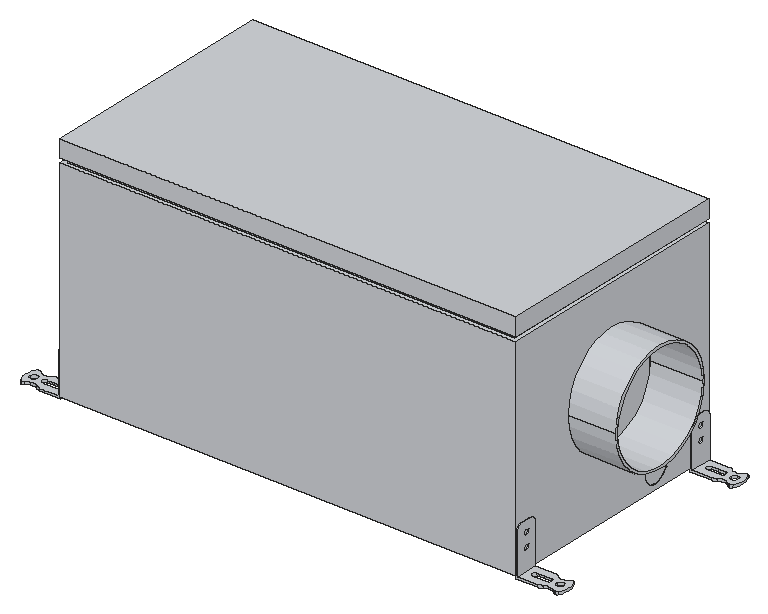
Revit family "CF-700", category Обобщенные модели, Revit 2018
Family settings
  Может служить основой для арматурных стержней = Нет
  Размер круглого соединителя = Использовать диаметр
  Тип детали = Нормальный
  На основе рабочей плоскости = Нет
  Всегда вертикально = Да
  При загрузке вырезать с полостями = Нет
  Общий = Нет
  Точка расчета площади = Нет
Parameters (values of type "CF-700")
  Уровень шума, дБ = "22-53"
  Тип вентилятора = "ЕС"
  Температура приточного воздуха = "+7...+30"
  Стоимость = 154000
  Рабочая температура, С = "-30...+50"
  Производительность (max), м3/ч = "679"
  Описание = "Приточная установка"
  Напряжение питания, В/Гц = "220/50 и 380/50"
  Мощность воздухонагревателя, кВт = "4,4 (2,2х2)"
  Мощность вентилятора, кВт = "0,168"
  Комментарии к типоразмеру = "Для подходит для помещений до 110м2"
  Количество скоростей = "10"
  Код по классификатору = "D3040100"
  Кабель питания, мм = "КГ 3х2,5 или ВВГнг 3х2,5 / КГ 5х2,5 или ВВГнг 5х2,5"
  Изображение типоразмера = <Нет>
  Изготовитель = "Horynize"
  Габаритные размеры (ДхШхВ), мм = "667х353х339"
  Вес, кг = "32"
  URL = "https://www.horynize.ru/horynize-cf-700.html"
Reference planes
  plane 1 "По центру (Вперед/Назад)": y = 0
  plane 2: z = 0
  plane 3 "По центру (Влево/Вправо)": x = 0
Forms (mm)
  Extrusion 1, solid
    sketch origin (-333.5, -823.5, 0) x (1, 0, 0) y (0, 1, 0)
      loop
        line (0, 647) -> (667, 647) -> (667, 1000) -> (0, 1000) -> (0, 647)
    from 0 to 339
  Extrusion 2, void
    sketch origin (0, 0, 307) x (1, 0, 0) y (0, 1, 0)
      loop
        line (-336.5, 180.343) -> (-336.5, -179.378) -> (336.155, -179.378) -> (336.155, 180.343) -> (-336.5, 180.343)
      loop
        line (-327.5, 170.5) -> (-327.5, -170.5) -> (327.5, -170.5) -> (327.5, 170.5) -> (-327.5, 170.5)
    from 0 to 6
  Extrusion 3, solid
    sketch origin (-333.5, -763.5, 0) x (0, -1, 0) y (0, 0, 1)
      loop
        line (-938, -4) -> (-906, -4) -> (-906, 66) -> (-938, 66) -> (-938, -4)
    from 0 to 65.264
  Extrusion 4, void
    sketch origin (-398.764, -763.5, 0) x (0, 1, 0) y (0, 0, 1)
      loop
        line (885, 73.157) -> (885, -1) -> (959.745, -1) -> (959.745, 73.157) -> (885, 73.157)
    from -5.804 to 62.264
  Extrusion 5, void
    sketch origin (-398.764, 182.5, -1) x (1, 0, 0) y (0, -1, 0)
      loop
        line (29.264, 19.5) -> (49.264, 19.5)
        arc (49.264, 19.5) -> (53.764, 24) -> (49.264, 28.5) r 4.5
        line (49.264, 28.5) -> (29.264, 28.5)
        arc (29.264, 28.5) -> (24.764, 24) -> (29.264, 19.5) r 4.5
      loop
        arc (32.632, 8) -> (30.081, 8.723) -> (27.888, 10.212) r 8.309
        arc (27.888, 10.212) -> (18.847, 13.535) -> (10.203, 9.285) r 12.236
        arc (10.203, 9.285) -> (6.902, 7.94) -> (3.886, 9.838) r 3.901
        arc (3.886, 9.838) -> (0.006, 24) -> (3.886, 38.162) r 27.787
        arc (3.886, 38.162) -> (6.76, 40.042) -> (10.004, 38.914) r 3.893
        arc (10.004, 38.914) -> (18.648, 34.942) -> (27.76, 37.672) r 13.469
        arc (27.76, 37.672) -> (30.433, 39.207) -> (33.411, 40) r 11.833
        line (33.411, 40) -> (33.411, 47.176) -> (-7.368, 47.176) -> (-7.368, 0.848) -> (32.632, 0.848) -> (32.632, 8)
      loop
        circle (12.512, 24.009) r 5.5
    from 0 to 3
  Extrusion 6, void
    sketch origin (-336.5, -763.5, 0) x (0, 1, 0) y (0, 0, 1)
      loop
        circle (922, 51) r 4.5
      loop
        circle (922, 31) r 4.5
      loop
        arc (906, 58) -> (908.343, 63.657) -> (914, 66) r 8
        line (914, 66) -> (930, 66)
        arc (930, 66) -> (935.657, 63.657) -> (938, 58) r 8
        line (938, 58) -> (943.843, 58) -> (943.843, 71.519) -> (899.977, 71.519) -> (899.977, 58) -> (906, 58)
    from 0 to 3
  Extrusion 7, solid
    sketch origin (-333.5, -1080.5, 0) x (0, -1, 0) y (0, 0, 1)
      loop
        line (-938, -4) -> (-906, -4) -> (-906, 66) -> (-938, 66) -> (-938, -4)
    from 0 to 65.264
  Extrusion 8, void
    sketch origin (-398.764, -1080.5, 0) x (0, 1, 0) y (0, 0, 1)
      loop
        line (885, 73.157) -> (885, -1) -> (959.745, -1) -> (959.745, 73.157) -> (885, 73.157)
    from -5.804 to 62.264
  Extrusion 9, void
    sketch origin (-398.764, -134.5, -1) x (1, 0, 0) y (0, -1, 0)
      loop
        line (29.264, 19.5) -> (49.264, 19.5)
        arc (49.264, 19.5) -> (53.764, 24) -> (49.264, 28.5) r 4.5
        line (49.264, 28.5) -> (29.264, 28.5)
        arc (29.264, 28.5) -> (24.764, 24) -> (29.264, 19.5) r 4.5
      loop
        arc (32.632, 8) -> (30.081, 8.723) -> (27.888, 10.212) r 8.309
        arc (27.888, 10.212) -> (18.847, 13.535) -> (10.203, 9.285) r 12.236
        arc (10.203, 9.285) -> (6.902, 7.94) -> (3.886, 9.838) r 3.901
        arc (3.886, 9.838) -> (0.006, 24) -> (3.886, 38.162) r 27.787
        arc (3.886, 38.162) -> (6.76, 40.042) -> (10.004, 38.914) r 3.893
        arc (10.004, 38.914) -> (18.648, 34.942) -> (27.76, 37.672) r 13.469
        arc (27.76, 37.672) -> (30.433, 39.207) -> (33.411, 40) r 11.833
        line (33.411, 40) -> (33.411, 47.176) -> (-7.368, 47.176) -> (-7.368, 0.848) -> (32.632, 0.848) -> (32.632, 8)
      loop
        circle (12.512, 24.009) r 5.5
    from 0 to 3
  Extrusion 10, void
    sketch origin (-336.5, -1080.5, 0) x (0, 1, 0) y (0, 0, 1)
      loop
        circle (922, 51) r 4.5
      loop
        circle (922, 31) r 4.5
      loop
        arc (906, 58) -> (908.343, 63.657) -> (914, 66) r 8
        line (914, 66) -> (930, 66)
        arc (930, 66) -> (935.657, 63.657) -> (938, 58) r 8
        line (938, 58) -> (943.843, 58) -> (943.843, 71.519) -> (899.977, 71.519) -> (899.977, 58) -> (906, 58)
    from 0 to 3
  Extrusion 11, solid
    sketch origin (333.5, -763.5, 0) x (0, -1, 0) y (0, 0, -1)
      loop
        line (-938, 4) -> (-938, -66) -> (-906, -66) -> (-906, 4) -> (-938, 4)
    from 0 to 65.264
  Extrusion 12, void
    sketch origin (398.764, -763.5, 0) x (0, 1, 0) y (0, 0, -1)
      loop
        line (885, -73.157) -> (959.745, -73.157) -> (959.745, 1) -> (885, 1) -> (885, -73.157)
    from -5.804 to 62.264
  Extrusion 13, void
    sketch origin (398.764, 182.5, -1) x (1, 0, 0) y (0, -1, 0)
      loop
        arc (-29.264, 19.5) -> (-24.764, 24) -> (-29.264, 28.5) r 4.5
        line (-29.264, 28.5) -> (-49.264, 28.5)
        arc (-49.264, 28.5) -> (-53.764, 24) -> (-49.264, 19.5) r 4.5
        line (-49.264, 19.5) -> (-29.264, 19.5)
      loop
        line (-32.632, 8) -> (-32.632, 0.848) -> (7.368, 0.848) -> (7.368, 47.176) -> (-33.411, 47.176) -> (-33.411, 40)
        arc (-33.411, 40) -> (-30.433, 39.207) -> (-27.76, 37.672) r 11.833
        arc (-27.76, 37.672) -> (-18.648, 34.942) -> (-10.004, 38.914) r 13.469
        arc (-10.004, 38.914) -> (-6.76, 40.042) -> (-3.886, 38.162) r 3.893
        arc (-3.886, 38.162) -> (-0.006, 24) -> (-3.886, 9.838) r 27.787
        arc (-3.886, 9.838) -> (-6.902, 7.94) -> (-10.203, 9.285) r 3.901
        arc (-10.203, 9.285) -> (-18.847, 13.535) -> (-27.888, 10.212) r 12.236
        arc (-27.888, 10.212) -> (-30.081, 8.723) -> (-32.632, 8) r 8.309
      loop
        circle (-12.512, 24.009) r 5.5
    from 0 to 3
  Extrusion 14, void
    sketch origin (336.5, -763.5, 0) x (0, 1, 0) y (0, 0, -1)
      loop
        circle (922, -51) r 4.5
      loop
        circle (922, -31) r 4.5
      loop
        line (906, -58) -> (899.977, -58) -> (899.977, -71.519) -> (943.843, -71.519) -> (943.843, -58) -> (938, -58)
        arc (938, -58) -> (935.657, -63.657) -> (930, -66) r 8
        line (930, -66) -> (914, -66)
        arc (914, -66) -> (908.343, -63.657) -> (906, -58) r 8
    from 0 to 3
  Extrusion 15, solid
    sketch origin (333.5, -1082.5, 0) x (0, -1, 0) y (0, 0, -1)
      loop
        line (-938, 4) -> (-938, -66) -> (-906, -66) -> (-906, 4) -> (-938, 4)
    from 0 to 65.264
  Extrusion 16, void
    sketch origin (398.764, -1082.5, 0) x (0, 1, 0) y (0, 0, -1)
      loop
        line (885, -73.157) -> (959.745, -73.157) -> (959.745, 1) -> (885, 1) -> (885, -73.157)
    from -5.804 to 62.264
  Extrusion 17, void
    sketch origin (398.764, -136.5, -1) x (1, 0, 0) y (0, -1, 0)
      loop
        arc (-29.264, 19.5) -> (-24.764, 24) -> (-29.264, 28.5) r 4.5
        line (-29.264, 28.5) -> (-49.264, 28.5)
        arc (-49.264, 28.5) -> (-53.764, 24) -> (-49.264, 19.5) r 4.5
        line (-49.264, 19.5) -> (-29.264, 19.5)
      loop
        line (-32.632, 8) -> (-32.632, 0.848) -> (7.368, 0.848) -> (7.368, 47.176) -> (-33.411, 47.176) -> (-33.411, 40)
        arc (-33.411, 40) -> (-30.433, 39.207) -> (-27.76, 37.672) r 11.833
        arc (-27.76, 37.672) -> (-18.648, 34.942) -> (-10.004, 38.914) r 13.469
        arc (-10.004, 38.914) -> (-6.76, 40.042) -> (-3.886, 38.162) r 3.893
        arc (-3.886, 38.162) -> (-0.006, 24) -> (-3.886, 9.838) r 27.787
        arc (-3.886, 9.838) -> (-6.902, 7.94) -> (-10.203, 9.285) r 3.901
        arc (-10.203, 9.285) -> (-18.847, 13.535) -> (-27.888, 10.212) r 12.236
        arc (-27.888, 10.212) -> (-30.081, 8.723) -> (-32.632, 8) r 8.309
      loop
        circle (-12.512, 24.009) r 5.5
    from 0 to 3
  Extrusion 18, void
    sketch origin (336.5, -1082.5, 0) x (0, 1, 0) y (0, 0, -1)
      loop
        circle (922, -51) r 4.5
      loop
        circle (922, -31) r 4.5
      loop
        line (906, -58) -> (899.977, -58) -> (899.977, -71.519) -> (943.843, -71.519) -> (943.843, -58) -> (938, -58)
        arc (938, -58) -> (935.657, -63.657) -> (930, -66) r 8
        line (930, -66) -> (914, -66)
        arc (914, -66) -> (908.343, -63.657) -> (906, -58) r 8
    from 0 to 3
  Extrusion 19, solid
    sketch origin (-333.5, -730, 53) x (0, -1, 0) y (0, 0, 1)
      loop
        circle (-730, 115) r 81
    from -6 to 70
  Extrusion 20, void
    sketch origin (55, -35.5, 17) x (1, 0, 0) y (0, 1, 0)
      loop
        line (-382.5, 206) -> (-382.5, -135) -> (-306.5, -135) -> (-306.5, 206) -> (-382.5, 206)
    from 0 to 273
  Extrusion 21, void
    sketch origin (44, 0, 53) x (0, 1, 0) y (0, 0, 1)
      loop
        circle (0, 115) r 81.5
    from -377.5 to -342.5
  Extrusion 22, void
    sketch origin (5.5, 0, 53) x (0, 1, 0) y (0, 0, 1)
      loop
        circle (0, 115) r 78
    from -429.653 to -304
  Extrusion 23, solid
    sketch origin (339.5, -730, 53) x (0, -1, 0) y (0, 0, -1)
      loop
        circle (-730, -115) r 81
    from -12 to 64
  Extrusion 24, void
    sketch origin (-55, -33.5, 17) x (-1, 0, 0) y (0, -1, 0)
      loop
        line (-382.5, -204) -> (-306.5, -204) -> (-306.5, 137) -> (-382.5, 137) -> (-382.5, -204)
    from 0 to 273
  Extrusion 25, void
    sketch origin (-55, 0, 53) x (0, 1, 0) y (0, 0, -1)
      loop
        circle (0, -115) r 81.5
    from -388.5 to -357.5
  Extrusion 26, void
    sketch origin (-10.5, 0, 53) x (0, 1, 0) y (0, 0, -1)
      loop
        circle (0, -115) r 78
    from -429.653 to -331.493
  Extrusion 27, void
    sketch origin (216.588, -34.5, 17) x (1, 0, 0) y (0, 1, 0)
      loop
        line (-463.588, 205) -> (-463.588, -136) -> (30.412, -136) -> (30.412, 205) -> (-463.588, 205)
    from -7.721 to 273
  Extrusion 28, void
    sketch origin (333.5, -219.5, 0) x (0, -1, 0) y (0, 0, 1)
      loop
        circle (-299.5, 27) r 20
    from 0 to 2
Cuts and joins
  Extrusion 2, Extrusion 6, Extrusion 10, Extrusion 14, Extrusion 18, Extrusion 20, Extrusion 21, Extrusion 22, Extrusion 24, Extrusion 25, Extrusion 27, Extrusion 28 cuts Extrusion 1
  Extrusion 4, Extrusion 5, Extrusion 6, Extrusion 8, Extrusion 9, Extrusion 10, Extrusion 12, Extrusion 13, Extrusion 14 cuts Extrusion 3
  Extrusion 8, Extrusion 9, Extrusion 10, Extrusion 16, Extrusion 17, Extrusion 18 cuts Extrusion 7
  Extrusion 12, Extrusion 13, Extrusion 14 cuts Extrusion 11
  Extrusion 16, Extrusion 17, Extrusion 18 cuts Extrusion 15
  Extrusion 21, Extrusion 22, Extrusion 25, Extrusion 26 cuts Extrusion 19
  Extrusion 24, Extrusion 26 cuts Extrusion 23
Dimensions and locks
  connector elem to plane 1 "По центру (Вперед/Назад)" = 0 mm
  aligned and locked: level to plane 2
Connectors
  hvac at (403.5, 0, 168)
    settings: on cut or joined group of Extrusion 23, Extrusion 24, Extrusion 26, index 1, duct flow 547.0 m³/h, flow factor 0, pres drop 180.0 Pa, loss coef 0, conn angle 0.00°, conn width 304.8 mm, conn height 304.8 mm, conn diameter 160 mm, duct sys type 1, conn prof type 0, flow config 1, flow direction 2, loss method 4, conn ref index 2, conn util no, is conn primary no, conn desc ""
  hvac at (-403.5, 0, 168)
    settings: on cut or joined group of Extrusion 19, Extrusion 21, Extrusion 22, Extrusion 25, Extrusion 26, index 2, duct flow 547.0 m³/h, flow factor 0, pres drop 180.0 Pa, loss coef 0, conn angle 0.00°, conn width 304.8 mm, conn height 304.8 mm, conn diameter 160 mm, duct sys type 1, conn prof type 0, flow config 1, flow direction 1, loss method 4, conn ref index 1, conn util no, is conn primary yes, conn desc ""
  electrical at (333.5, 80, 27)
    settings: on cut or joined group of Extrusion 1, Extrusion 2, Extrusion 6, Extrusion 10, Extrusion 14, Extrusion 18, Extrusion 20, Extrusion 21, Extrusion 22, Extrusion 24, Extrusion 25, Extrusion 27, Extrusion 28, index 3, voltage 380 V, apparent load 4.568 kW, apparent load phase1 0.000 kW, apparent load phase2 0.000 kW, apparent load phase3 0.000 kW, power factor 1, load classification "Прочее", number of poles 1, system type 30, power factor state 1, is connector primary yes, connector utility no, sub classification motor no, connector description ""
